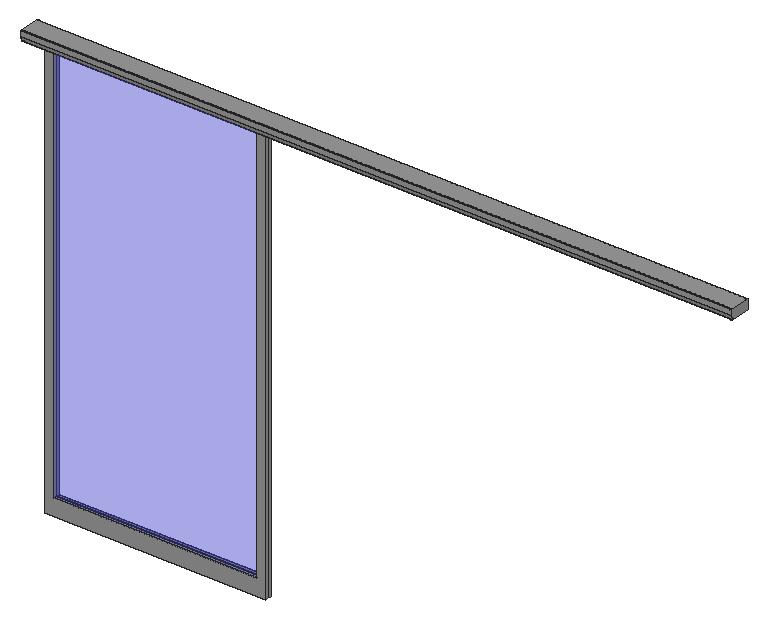
Revit family "DAS200T 2AM SX EN", category Doors, host Wall, Revit 2019
Family settings
  Host = Wall
  OmniClass Number = 23.30.10.00
  OmniClass Title = Doors
  Always vertical = Yes
  Cut with Voids When Loaded = No
  Shared = No
  Room Calculation Point = No
Parameters
  Weight = 200.00 kg
  Velocity = 0.7 m/s
  Uniclass 2015 Name = "Automatic sliding door operator"
  Uniclass 2.0 Description = "Sliding Doorset Systems"
  Uniclass 2.0 Code = "SS_25-30-20-77"
  Uniclass 1.4 Description = "Doors"
  Uniclass 1.4 Code = "JL20"
  Unicalss 2015 Code = "Pr 73_30_23_05"
  UNSPSC Code = "301715"
  Operator position [instance] = Calc Width / 2 + 250 mm  # 1250 mm
  Operation = "120x265 mm"
  Open door 2 [instance] = Open door 1 * 2  # 2000 mm
  Open door 1 [instance] = if(Open door < 1 mm, 1 mm, (if(Open door < Width / 2, Open door, Width / 2)))  # 1000 mm
  Open door [instance] = 1000 mm
  Max Width = 4323 mm  # constant formula
  Max Operator Length = 6600 mm  # constant formula
  Frame Width = Calc Width / 2 + 40 mm  # 1040 mm
  Frame = Aluminum + Glass
  Region South America = "All"
  Region Oceania = "All"
  Region North America = "All"
  Region Middle East = "All"
  Region Europe = "All"
  Region Asia = "All"
  Region Antartica = "All"
  QR code = ""
  Protection rating = "IP20"
  Product group = "Sliding Automatic Doors"
  Product family = "Automatic Doors"
  Power supply = "100÷240 Vac @ 50/60 MHz"
  Operator = Aluminum
  Operating temperature = "-20 ° C / +50 ° C"
  OmniClass Description = "Doors"
  OmniClass Code = "23-17 11 00"
  NBS Reference Description = "Sliding Doorset Systems"
  NBS Reference Code = "25-30-20-77"
  Max nominal power = "150"
  Masterformat 2016 Description = "Operation and Maintenance of Sliding Glass Doors"
  Masterformat 2016 Code = "08 01 32"
  Manufacturer name = "Entrematic Italy"
  Manufacturer country = "China"
  Operator Length = Calc Width + Calc Width / 2 + 40 mm  # 3040 mm
  Width = 2000 mm
  IFC Classification = "Door"
  Endurance test = "1000000 cyrcle"
  Edition number = "1"
  Drive type = "electromechanical unit"
  Dimensions = "120x265"
  Design country = "Italy"
  Description = "automation for sliding doors"
  Calc Width = if(Width > 950 mm, Width, (if(Width < Max Width, Width, Max Width)))  # 2000 mm
  Calc Operator Length [instance] = if(Operator Length < Width + Width / 2 + 350 mm, Width + Width / 2 + 350 mm, (if(Operator Length < Max Operator Length, Operator Length, 5600 mm)))  # 3350 mm
  Brand url = "http://www.ditecentrematic.com/"
  Brand = "Ditec"
  BIMobject Category = "Sliding"
  Wall Closure = By host
  Auxiliary power = "1 A @ 24 Vdc"
  Height = 2000 mm
Reference planes
  plane 1: y = 0
  plane 2 "Centro (Sinistra/Destra)": x = 0
  plane 3 "Sinistra": x = -1000
  plane 4 "Destra": x = 1000
  plane 5: z = 2000
  plane 6 "Esterni": y = 75
  plane 7 "Interno": y = -75
  plane 8: x = 2640
  plane 9: x = -2640
  plane 10: x = -1000
  plane 11: x = 1250
  plane 12: y = -90
  plane 13: x = -1000
Lines and regions (mm)
  Opening 1
    outline origin (-3050, -75, 0) x (1, 0, 0) y (0, 0, 1)
      loop
        line (2050, 0) -> (4050, 0) -> (4050, 2000) -> (2050, 2000) -> (2050, 0)
Text (mm)
  text "Exterior" at (-2295.016, 1099.543, 0), in view "Livello rif."
  text "Exterior" at (0, 1615.38, 3698.081), in view "Sinistra"
  text "Exterior" at (0, 1036.032, 3874.932), in view "Destra"
Dimensions and locks
  equal spacing: plane 3 "Sinistra", plane 2 "Centro (Sinistra/Destra)", plane 4 "Destra"
  "Calc Width": plane 3 "Sinistra" to plane 4 "Destra"
  "Height": plane 5 to host wall
  host wall to plane 5 = 2000 mm  (x2)
  locked: plane 6 "Esterni" to host wall at 0
  locked: plane 7 "Interno" to host wall
  locked: plane 12 to plane 7 "Interno" at 15
  "Open door 2": plane 10 to plane 4 "Destra"
  "Open door 1": plane 2 "Centro (Sinistra/Destra)" to plane 13
  "Operator position": plane 11 to plane 2 "Centro (Sinistra/Destra)"
  aligned and locked: plane 3 "Sinistra" to Opening 1 sketch curve
  aligned and locked: plane 5 to Opening 1 sketch curve  (x2)
  aligned and locked: Opening 1 sketch curve to plane 4 "Destra"
  aligned and locked: Opening 1 sketch curve to level
  aligned and locked: plane 1 to host wall
  aligned and locked: plane 5 to nested 2
  aligned and locked: nested 2 to plane 7 "Interno"
  aligned and locked: plane 7 "Interno" to nested 4
  aligned and locked: nested 5 to plane 5
  aligned and locked: nested 7 to plane 7 "Interno"
  aligned and locked: plane 5 to nested 7
  aligned and locked: nested 5 to plane 7 "Interno"
  aligned and locked: plane 7 "Interno" to nested 3
  aligned and locked: nested 1 to plane 12
  aligned and locked: nested 6 to plane 12
  aligned and locked: nested 1 to plane 10
  aligned and locked: nested 6 to plane 10
  aligned and locked: plane 13 to nested 3
  aligned and locked: plane 13 to nested 5
  aligned and locked: nested 4 to plane 11
  aligned and locked: plane 11 to nested 7
  aligned and locked: plane 11 to nested 2
Nested families
  nested 1: "Frame" at (-1683.022, -115, 0), Frame <- "Operator", Glass <- "Frame", Hight <- "Height", Length <- "Frame Width", type "Frame", detail levels medium+fine
    with Length 1040 mm, Hight 2000 mm, Glass Aluminum + Glass, Frame Aluminum
  nested 2: "Operator" at (-425, -146.5, 2000), Operator Length <- "Calc Operator Length", Operator Material <- "Operator", type "Operator", detail levels coarse+medium
    with Operator Material Aluminum, Operator Length 3350 mm
  nested 3: "Frame" at (-1356.978, -100, 0) x (-1, 0, 0) z (0, 0, 1), Frame <- "Operator", Glass <- "Frame", Hight <- "Height", Length <- "Frame Width", type "Frame", detail levels medium+fine
    with Length 1040 mm, Hight 2000 mm, Glass Aluminum + Glass, Frame Aluminum
  nested 4: "Family1" at (-1732.348, -140.409, 0), Operator <- "Calc Operator Length", type "Family1"
    with Operator 3350 mm
  nested 5: "Frame LOW" at (-1683.022, -82.5, 0), Hight <- "Height", Length <- "Frame Width", Glass <- "Frame", type "Frame LOW", detail levels coarse
    with Length 1040 mm, Hight 2000 mm, Glass Aluminum + Glass, Frame none
  nested 6: "Frame LOW" at (-1683.022, -97.5, 0), Hight <- "Height", Length <- "Frame Width", Glass <- "Frame", type "Frame LOW", detail levels coarse
    with Length 1040 mm, Hight 2000 mm, Glass Aluminum + Glass, Frame none
  nested 7: "Operator DETTAGLIO" at (-425, -146.5, 2000), Operator Length <- "Calc Operator Length", Operator Material <- "Operator", type "Operator DETTAGLIO", detail levels fine
    with Operator Material Aluminum, Operator Length 3350 mm
Connectors
  electrical at (-425, -125, 2050)
    settings: on nested 2, index 1, voltage 100 V, apparent load 0 VA, apparent load phase1 0 VA, apparent load phase2 0 VA, apparent load phase3 0 VA, power factor 1, load classification "Altro", number of poles 1, system type 31, power factor state 1, is connector primary yes, connector utility no, sub classification motor no, connector description ""
Definition of nested family "Frame"
  Parameters (values of type "Frame")
    Glass [instance] = none
    Frame [instance] = none
    Length [instance] = 1000 mm
    Hight [instance] = 2000 mm
  Reference planes
    plane 1 "Centro (Fronte/Retro)": y = 0
    plane 2: z = 0
    plane 3 "Centro (Sinistra/Destra)": x = 0
    plane 4: x = 683.022
    plane 5: x = -316.978
    plane 6: x = -276.978
    plane 7: x = 643.022
    plane 8: z = 2000
    plane 9: y = 10
    plane 10: y = 25
    plane 11: z = 80
    plane 12: z = 1960
  Forms (mm)
    Extrusion 1, solid, material <- "Frame"
      sketch origin (0, 0, 0) x (1, 0, 0) y (0, 0, 1)
        loop
          line (683.022, 0) -> (683.022, 2000) -> (-316.978, 2000) -> (-316.978, 0) -> (683.022, 0)
        loop
          line (-276.978, 1960) -> (-276.978, 80) -> (643.022, 80) -> (643.022, 1960) -> (-276.978, 1960)
      from -25 to -10
    Extrusion 2, solid, material <- "Glass"
      sketch origin (0, 0, 0) x (1, 0, 0) y (0, 0, 1)
        loop
          line (643.022, 1960) -> (-276.978, 1960) -> (-276.978, 80) -> (643.022, 80) -> (643.022, 1960)
      from -25 to -10
  Lines and regions (mm)
    symbolic lines, detail levels medium+fine
      curve 1: line (683.022, 25, 0) -> (-316.978, 25, 0)
      curve 2: line (-316.978, 10, 0) -> (683.022, 10, 0)
      curve 3: line (-316.978, 25, 0) -> (-316.978, 10, 0)
      curve 4: line (-276.978, 25, 0) -> (-276.978, 10, 0)
      curve 5: line (643.022, 10, 0) -> (643.022, 25, 0)
      curve 6: line (683.022, 10, 0) -> (683.022, 25, 0)
    symbolic lines, detail levels fine
      curve 7: line (-276.978, 22.02, 0) -> (643.022, 22.02, 0)
      curve 8: line (643.022, 12.645, 0) -> (-276.978, 12.645, 0)
  Dimensions and locks
    locked: plane 7 to plane 4 at 40
    locked: plane 5 to plane 6 at 40
    plane 8 to plane 2 = 2000 mm
    plane 10 to plane 9 to plane 1 "Centro (Fronte/Retro)" = 15 mm, 10 mm
    locked: plane 12 to plane 8 at 40
    locked: plane 2 to plane 11 at 80
    "Length": plane 4 to plane 5
    "Hight": plane 8 to plane 2
    aligned and locked: level to plane 2
    aligned and locked: plane 4 to Extrusion 1 sketch curve
    aligned and locked: plane 2 to Extrusion 1 sketch curve
    aligned and locked: plane 5 to Extrusion 1 sketch curve
    aligned and locked: plane 8 to Extrusion 1 sketch curve
    aligned and locked: plane 12 to Extrusion 1 sketch curve
    aligned and locked: plane 7 to Extrusion 1 sketch curve
    aligned and locked: plane 11 to Extrusion 1 sketch curve
    aligned and locked: plane 6 to Extrusion 1 sketch curve
    aligned and locked: plane 10 to Extrusion 1
    aligned and locked: Extrusion 1 to plane 9
    aligned and locked: Extrusion 2 sketch curve to plane 12
    aligned and locked: Extrusion 2 sketch curve to plane 7
    aligned and locked: Extrusion 2 sketch curve to plane 6
    aligned and locked: Extrusion 2 sketch curve to plane 11
    aligned and locked: Extrusion 2 to plane 9
    aligned and locked: curve 1 to Extrusion 1
    aligned and locked: curve 2 to Extrusion 1
    aligned and locked: curve 3 to Extrusion 1
    aligned and locked: curve 4 to Extrusion 2
    aligned and locked: curve 5 to Extrusion 2
    aligned and locked: curve 6 to Extrusion 1
  Automatic sketch dimensions
    curve 1 to plane 5 = 0 mm
    curve 4 to plane 6 = 0 mm
    curve 8 to plane 7 = 0 mm
    curve 6 to plane 4 = 0 mm
    curve 4 to plane 9 = 0 mm
    curve 6 to plane 10 = 0 mm
    plane 9 to curve 8 = 2.645 mm
    curve 7 to curve 4 = 2.98 mm
Definition of nested family "Operator"
  Parameters (values of type "Operator")
    Operator Material [instance] = none
    Operator Length [instance] = 3000 mm
  Reference planes
    plane 1 "Centro (Fronte/Retro)": y = 0
    plane 2: z = 0
    plane 3 "Centro (Sinistra/Destra)": x = 0
    plane 4: y = 71.5
    plane 5: y = -28.5
    plane 6: x = -1500
    plane 7: x = 1500
    plane 8: z = 50
  Forms (mm)
    Extrusion 1, solid, material <- "Operator Material"
      sketch origin (0, 0, 0) x (1, 0, 0) y (0, 1, 0)
        loop
          line (-1500, 71.5) -> (-1500, -28.5) -> (1500, -28.5) -> (1500, 71.5) -> (-1500, 71.5)
      from 0 to 50
  Dimensions and locks
    equal spacing: plane 6, plane 3 "Centro (Sinistra/Destra)", plane 7
    plane 8 to plane 2 = 50 mm
    plane 4 to plane 5 = 100 mm
    "Operator Length": plane 6 to plane 7
    aligned and locked: level to plane 2
    aligned and locked: Extrusion 1 sketch curve to plane 4
    aligned and locked: Extrusion 1 sketch curve to plane 6
    aligned and locked: Extrusion 1 sketch curve to plane 7
  Automatic sketch dimensions
    plane 5 to Extrusion 1 sketch curve = 0 mm
Definition of nested family "Frame LOW"
  Parameters (values of type "Frame LOW")
    Glass [instance] = none
    Frame [instance] = none
    Length [instance] = 1000 mm
    Hight [instance] = 2000 mm
  Reference planes
    plane 1 "Centro (Fronte/Retro)": y = 0
    plane 2: z = 0
    plane 3 "Centro (Sinistra/Destra)": x = 0
    plane 4: x = 683.022
    plane 5: x = -316.978
    plane 6: x = -276.978
    plane 7: x = 643.022
    plane 8: z = 2000
    plane 9: y = -7.5
    plane 10: y = 7.5
    plane 11: z = 80
    plane 12: z = 1960
  Forms (mm)
    Extrusion 1, solid, material <- "Glass"
      sketch origin (0, 0, 0) x (1, 0, 0) y (0, 0, 1)
        loop
          line (683.022, 2000) -> (-316.978, 2000) -> (-316.978, 0) -> (683.022, 0) -> (683.022, 2000)
      from -7.5 to 7.5
  Dimensions and locks
    locked: plane 7 to plane 4 at 40
    locked: plane 5 to plane 6 at 40
    plane 8 to plane 2 = 2000 mm
    plane 10 to plane 1 "Centro (Fronte/Retro)" to plane 9 = 7.5 mm, 7.5 mm
    locked: plane 12 to plane 8 at 40
    locked: plane 2 to plane 11 at 80
    "Length": plane 4 to plane 5
    "Hight": plane 8 to plane 2
    aligned and locked: level to plane 2
    aligned and locked: Extrusion 1 sketch curve to plane 5
    aligned and locked: plane 8 to Extrusion 1 sketch curve
    aligned and locked: Extrusion 1 sketch curve to plane 4
    aligned and locked: plane 2 to Extrusion 1 sketch curve
    aligned and locked: plane 10 to Extrusion 1
    aligned and locked: Extrusion 1 to plane 9
Definition of nested family "Operator DETTAGLIO"
  Parameters (values of type "Operator DETTAGLIO")
    Operator Material [instance] = none
    Operator Length [instance] = 2000 mm
  Reference planes
    plane 1 "Centro (Fronte/Retro)": y = 0
    plane 2: z = 0
    plane 3 "Centro (Sinistra/Destra)": x = 0
    plane 4: y = 71.5
    plane 5: y = -71.5
    plane 6: x = -1000
    plane 7: x = 1000
    plane 8: z = 120
    plane 9: x = -280
    plane 10: x = 280
    plane 11: y = 68.044
    plane 12: x = -963.344
  Forms (mm)
    Extrusion 1, solid, material <- "Operator Material"
      sketch origin (0, 0.003, 63.383) x (0, 1, 0) y (0, 0, 1)
        loop
          arc (70.713, -63.383) -> (71.269, -63.153) -> (71.5, -62.596) r 0.787
          line (71.5, -62.596) -> (71.5, -16.533)
          arc (71.5, -16.533) -> (71.269, -15.976) -> (70.713, -15.746) r 0.787
          line (70.713, -15.746) -> (-21.686, -15.746) -> (-27.516, -16.57) -> (-27.516, -17.946) -> (-28.5, -19.559) -> (-28.5, -44.092) -> (-22.409, -62.839)
          arc (-22.409, -62.839) -> (-22.123, -63.233) -> (-21.66, -63.383) r 0.787
          line (-21.66, -63.383) -> (70.713, -63.383)
      from -1000 to 1000
  Dimensions and locks
    equal spacing: plane 6, plane 3 "Centro (Sinistra/Destra)", plane 7
    equal spacing: plane 4, plane 1 "Centro (Fronte/Retro)", plane 5
    plane 8 to plane 2 = 120 mm
    locked: plane 4 to plane 5 at 143
    "Operator Length": plane 6 to plane 7
    locked: plane 9 to plane 3 "Centro (Sinistra/Destra)" at 280
    locked: plane 3 "Centro (Sinistra/Destra)" to plane 10 at 280
    locked: plane 11 to plane 4 at 3.456
    aligned and locked: level to plane 2
    aligned and locked: plane 7 to Extrusion 1
    aligned and locked: Extrusion 1 to plane 6
    aligned and locked: plane 2 to Extrusion 1 sketch curve
  Automatic sketch dimensions
    Extrusion 1 sketch curve to plane 1 "Centro (Fronte/Retro)" = 28.497 mm
    Extrusion 1 sketch curve to plane 1 "Centro (Fronte/Retro)" = 27.512 mm
    Extrusion 1 sketch curve to level = 0.544 mm
    Extrusion 1 sketch curve to plane 1 "Centro (Fronte/Retro)" = 22.405 mm
    Extrusion 1 sketch curve to plane 1 "Centro (Fronte/Retro)" = 21.682 mm
    Extrusion 1 sketch curve to Extrusion 1 sketch curve = 0.749 mm
    plane 4 to Extrusion 1 sketch curve = 0.784 mm  (x2)
    Extrusion 1 sketch curve to plane 4 = 0.003 mm
    Extrusion 1 sketch curve to level = 19.291 mm
    Extrusion 1 sketch curve to Extrusion 1 sketch curve = 24.533 mm
    Extrusion 1 sketch curve to Extrusion 1 sketch curve = 1.613 mm
    Extrusion 1 sketch curve to Extrusion 1 sketch curve = 1.377 mm
    Extrusion 1 sketch curve to Extrusion 1 sketch curve = 46.063 mm
Definition of nested family "Family1"
  Parameters (values of type "Family1")
    Operator [instance] = 722.652 mm
  Reference planes
    plane 1 "Center (Front/Back)": y = 0
    plane 2: z = 0
    plane 3 "Center (Left/Right)": x = 0
    plane 4: x = -367.652
    plane 5: x = 355
    plane 6: y = 65.409
    plane 7: y = -35.362
    plane 8: y = -35.362
  Lines and regions (mm)
    detail lines, in view "Ref. Level"
      curve 1: line (-367.652, 65.409, 0) -> (355, 65.409, 0)
      curve 2: line (-367.652, -35.362, 0) -> (355, -35.362, 0)
      curve 3: line (-367.652, 65.409, 0) -> (-367.652, -35.362, 0)
      curve 4: line (355, 65.409, 0) -> (355, -35.362, 0)
  Dimensions and locks
    "Operator": plane 4 to plane 5
  Automatic sketch dimensions
    curve 2 to plane 7 = 0 mm
    curve 1 to plane 6 = 0 mm
    curve 1 to plane 4 = 0 mm
    plane 5 to curve 2 = 0 mm
